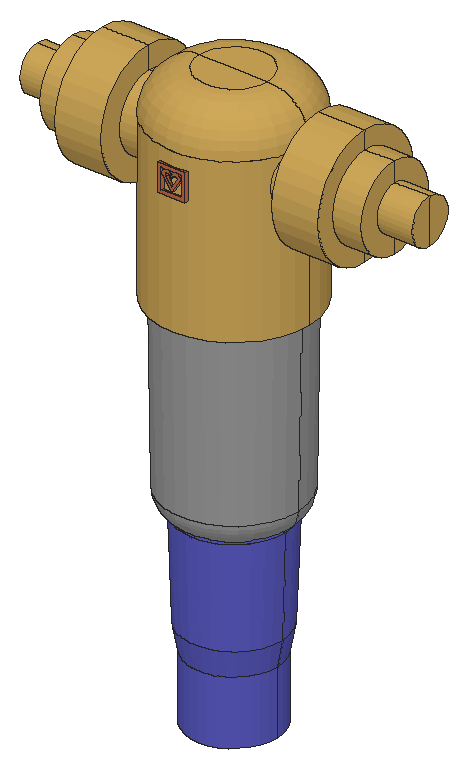
Revit family "Filter für Kaltwasser 0553", category Rohrzubehör, Revit 2018
Family settings
  Bemaßung runder Anschluss = Durchmesser verwenden
  Teiletyp = Unterbricht
  OmniClass-Nummer = 23.65.55.14
  OmniClass-Titel = Valves for Liquid Services
  Arbeitsebenenbasiert = Nein
  Immer vertikal = Ja
  Beim Laden mit Abzugskörper schneiden = Nein
  Gemeinsam genutzt = Nein
Parameters
  W02 = 88.00°  # constant formula
  W01 = 89.00°  # constant formula
  VRS01 = 10.000 mm  # constant formula
  SC_NennweiteBerechnet = 0
  SC_Dimension = ""
  SCTWSEQ = "FI;SBT_TYP_FI=\"FI\";2"
  SCTWCODE = "02;00;02"  # constant formula
  S01 [instance] = (L02 + VRL01 + VRL02) - (L01 / 2)  # 24.750 mm
  Model = "Filter für kaltes Wasser mit glasfaserverstärktem Kunststoffbecher."
  Medium = "Trinkwasser"  # constant formula
  Max. Betriebstemperatur = 30 °C  # constant formula
  Max. Betriebsdruck = 1600000.0 Pa  # constant formula
  Tasse = "transparenter, glasfaserverstärkter Kunststoff"  # constant formula
  Hinweis = "Gemäß Art 33 der REACH-Verordnung (EG Nr. 1907/2006) sind wir verpflichtet, darauf hinzuweisen, dass der Stoff Blei auf der SVHC-Liste geführt wird und dass alle aus Messing bestehenden Bauteile, die in unseren Erzeugnissen verarbeitet sind, mehr als 0,1 % (w/w) Blei (CAS: 7439-92-1 / EINECS: 231-100-4) enthalten.\r\nDa Blei als Legierungsbestandteil fest gebunden ist, sind keine Expositionen zu erwarten und daher sind keine zusätzlichen Angaben zur sicheren Verwendung notwendig."
  Gehäuse = "Messing, CW617N"  # constant formula
  GT [instance] = size_lookup("0553_", "GT", 1.000 mm, Nennweite)  # 11.900 mm
  VRL02 [instance] = size_lookup("0553_", "VRL2", 1.000 mm, Nennweite)  # 21.750 mm
  VRL01 [instance] = size_lookup("0553_", "VRL1", 1.000 mm, Nennweite)  # 15.500 mm
  VRD02 [instance] = size_lookup("0553_", "VRD2", 1.000 mm, Nennweite)  # 14.000 mm
  VRD01 [instance] = size_lookup("0553_", "VRD1", 1.000 mm, Nennweite)  # 20.000 mm
  URL = "www.herz-armaturen.at"
  T01 = 1.000 mm  # constant formula
  R02 = 8.000 mm  # constant formula
  R01 = 12.500 mm  # constant formula
  Nennweite [instance] = 15.000 mm
  Filter = "Edelstahl, Maschenweite 100 μm"  # constant formula
  D02 = 22.750 mm  # constant formula
  L02 [instance] = size_lookup("0553_", "L2", 1.000 mm, Nennweite)  # 28.750 mm
  L01 [instance] = size_lookup("0553_", "L1", 1.000 mm, Nennweite)  # 82.500 mm
  Hersteller = "HERZ Armaturen Ges.m.b.H."  # constant formula
  H04 = 174.000 mm  # constant formula
  H03 = 65.500 mm  # constant formula
  H02 = 45.500 mm  # constant formula
  H01 = 23.000 mm  # constant formula
  Bestellnummer [instance] = if(Nennweite = 15.000 mm, "I055301", if(Nennweite = 20.000 mm, "I055302", if(Nennweite = 25.000 mm, "I055303", "0")))  # "I055301"
  Ausführung = "Der Herz-Wasserfilter wird in Hauseingangsanlagen für Trinkwasser eingesetzt, um das Trinkwasser vor Verunreinigungen zu schützen."
  AG [instance] = Nennweite / 2  # 7.500 mm
  D01 = 25.500 mm  # constant formula
Reference planes
  plane 1 "Mitte (Vorne/hinten)": y = 0
  plane 2: z = 0
  plane 3 "Mitte (Links/rechts)": x = 0
Forms (mm)
  Revolve 1, solid, material "Messing, weicher Gelbton, geschweißt", detail levels fine
    sketch origin (0, 0, 0) x (1, 0, 0) y (0, 0, 1)
      loop
        line (-41.25, 0) -> (41.25, 0) -> (41.25, 12.5) -> (-41.25, 12.5) -> (-41.25, 0)
      axis (-41.25, 0) -> (41.25, 0)
    angle from 0 to 360
  Revolve 2, solid, material "Messing, weicher Gelbton, geschweißt", detail levels fine
    sketch origin (0, 0, 0) x (1, 0, 0) y (0, 0, 1)
      loop
        line (-28.75, 0) -> (-28.75, 20) -> (-44.25, 20) -> (-44.25, 14) -> (-54.1, 14) -> (-54.1, 7.5) -> (-66, 7.5) -> (-66, 0) -> (-28.75, 0)
      axis (-66, 0) -> (-28.75, 0)
    angle from 0 to 360
  Revolve 3, solid, material "Messing, weicher Gelbton, geschweißt", detail levels fine
    sketch origin (0, 0, 0) x (-1, 0, 0) y (0, 0, 1)
      loop
        line (-28.75, 0) -> (-28.75, 20) -> (-44.25, 20) -> (-44.25, 14) -> (-54.1, 14) -> (-54.1, 7.5) -> (-66, 7.5) -> (-66, 0) -> (-28.75, 0)
      axis (-66, 0) -> (-28.75, 0)
    angle from 0 to 360
  Revolve 4, solid, material "Messing, weicher Gelbton, geschweißt", detail levels fine
    sketch origin (0, 0, 0) x (1, 0, 0) y (0, 0, 1)
      loop
        line (0, -45.5) -> (0, 23) -> (-11.5, 23)
        arc (-11.5, 23) -> (-21.399, 18.899) -> (-25.5, 9) r 14
        line (-25.5, 9) -> (-25.5, -45.5) -> (0, -45.5)
      axis (0, 23) -> (0, -45.5)
    angle from 0 to 360
  Revolve 5, solid, material "ABS-Kunststoff", detail levels fine
    sketch origin (0, 0, 0) x (1, 0, 0) y (0, 0, 1)
      loop
        line (0, -45.5) -> (-22.75, -45.5) -> (-21.744, -103.156)
        arc (-21.744, -103.156) -> (-19.53, -108.542) -> (-14.25, -111) r 8
        line (-14.25, -111) -> (0, -111) -> (0, -45.5)
      axis (0, -45.5) -> (0, -111)
    angle from 0 to 360
  Revolve 6, solid, material "Herz-Marineblau", detail levels fine
    sketch origin (0, 0, 0) x (1, 0, 0) y (0, 0, 1)
      loop
        line (-14.75, -174) -> (0, -174) -> (0, -110.996) -> (-17.5, -110.996) -> (-16.347, -144) -> (-14.75, -152.5) -> (-14.75, -174)
      axis (0, -110.996) -> (0, -174)
    angle from 0 to 360
Lines and regions (mm)
  model lines, detail levels coarse+medium
    curve 1: line (-41.25, 0, 23) -> (-41.25, 0, -23)
    curve 2: line (-41.25, 0, -23) -> (41.25, 0, -23)
    curve 3: line (41.25, 0, -23) -> (41.25, 0, 23)
    curve 4: line (41.25, 0, 23) -> (-41.25, 0, 23)
    curve 5: line (41.25, 0, 23) -> (12.5, 0, 0)
    curve 6: line (12.5, 0, 0) -> (41.25, 0, -23)
    curve 7: line (41.25, 0, 23) -> (51.25, 0, 23)
    curve 8: line (51.25, 0, 23) -> (41.25, 0, 0)
    curve 9: line (41.25, 0, -23) -> (51.25, 0, -23)
    curve 10: line (51.25, 0, -23) -> (41.25, 0, 0)
    curve 11: line (41.25, 0, 0) -> (66, 0, 0)
    curve 12: line (-41.25, 0, 23) -> (-51.25, 0, 23)
    curve 13: line (-51.25, 0, 23) -> (-41.25, 0, 0)
    curve 14: line (-41.25, 0, -23) -> (-51.25, 0, -23)
    curve 15: line (-51.25, 0, -23) -> (-41.25, 0, 0)
    curve 16: line (-41.25, 0, 0) -> (-66, 0, 0)
    curve 17: line (-41.25, -23, 0) -> (41.25, -23, 0)
    curve 18: line (-41.25, 23, 0) -> (-41.25, -23, 0)
    curve 19: line (41.25, 23, 0) -> (-41.25, 23, 0)
    curve 20: line (41.25, -23, 0) -> (41.25, 23, 0)
    curve 21: line (41.25, 23, 0) -> (8.232, 0, 0)
    curve 22: line (8.232, 0, 0) -> (41.25, -23, 0)
    curve 23: line (41.25, 23, 0) -> (51.25, 23, 0)
    curve 24: line (51.25, 23, 0) -> (41.25, 0, 0)
    curve 25: line (41.25, -23, 0) -> (51.25, -23, 0)
    curve 26: line (51.25, -23, 0) -> (41.25, 0, 0)
    curve 27: line (-41.25, 23, 0) -> (-51.25, 23, 0)
    curve 28: line (-51.25, 23, 0) -> (-41.25, 0, 0)
    curve 29: line (-41.25, -23, 0) -> (-51.25, -23, 0)
    curve 30: line (-51.25, -23, 0) -> (-41.25, 0, 0)
Dimensions and locks
  "L01": Revolve 1 sketch curve to Revolve 1 sketch curve
  equal spacing: Revolve 1 sketch curve, plane 3 "Mitte (Links/rechts)", Revolve 1 sketch curve
  "R01": Revolve 1 sketch curve to plane 2
  "L02": plane 3 "Mitte (Links/rechts)" to Revolve 2 sketch curve
  "VRL01": Revolve 2 sketch curve to Revolve 2 sketch curve
  "VRL02": Revolve 2 sketch curve to Revolve 2 sketch curve
  "GT": Revolve 2 sketch curve to Revolve 2 sketch curve
  "VRD01": Revolve 2 sketch curve to Revolve 2 sketch curve
  "VRD02": Revolve 2 sketch curve to Revolve 2 sketch curve
  "AG": Revolve 2 sketch curve to Revolve 2 sketch curve
  "VRL01": Revolve 3 sketch curve to Revolve 3 sketch curve
  "VRL02": Revolve 3 sketch curve to Revolve 3 sketch curve
  "GT": Revolve 3 sketch curve to Revolve 3 sketch curve
  "VRD01": Revolve 3 sketch curve to Revolve 3 sketch curve
  "VRD02": Revolve 3 sketch curve to Revolve 3 sketch curve
  "AG": Revolve 3 sketch curve to Revolve 3 sketch curve
  "L02": Revolve 3 sketch curve to plane 3 "Mitte (Links/rechts)"
  "H01": Revolve 4 sketch curve to plane 2
  "D01": Revolve 4 sketch curve to Revolve 4 sketch curve
  "H02": plane 2 to Revolve 4 sketch curve
  "D02": Revolve 5 sketch curve to Revolve 5 sketch curve
  "H02": plane 2 to Revolve 5 sketch curve
  "H03": Revolve 5 sketch curve to Revolve 5 sketch curve
  "H04": plane 2 to Revolve 6 sketch curve
  "D01": nested 1 to plane 1 "Mitte (Vorne/hinten)"
  equal spacing: curve 1, plane 3 "Mitte (Links/rechts)", curve 3
  "H01": curve 4 to level to curve 2
  "L01": curve 1 to curve 3
  "L02": curve 3 to curve 6
  "VRS01": curve 8 to curve 3
  "VRS01": curve 10 to curve 3
  "S01": curve 11 to curve 3
  "VRS01": curve 13 to curve 1
  "VRS01": curve 15 to curve 1
  "S01": curve 16 to Revolve 1
  "L01": curve 18 to curve 20
  equal spacing: curve 18, plane 3 "Mitte (Links/rechts)", curve 20
  "H01": curve 19 to plane 1 "Mitte (Vorne/hinten)" to curve 17
  "VRS01": curve 20 to curve 24
  "VRS01": curve 20 to curve 26
  "VRS01": curve 28 to curve 18
  "VRS01": curve 30 to curve 18
  "R02": radius of Revolve 5 sketch curve
  "W01": angle Revolve 5 sketch curve to Revolve 4
  "W02": angle Revolve 6 sketch curve to Revolve 6 sketch curve
  aligned and locked: level to plane 2
Automatic sketch dimensions
  curve 15 to level = 0.000 mm
  curve 11 to level = 0.000 mm
  curve 8 to level = 0.000 mm
  curve 5 to level = 0.000 mm
  plane 1 "Mitte (Vorne/hinten)" to curve 22 = 0.000 mm
  plane 1 "Mitte (Vorne/hinten)" to curve 28 = 0.000 mm
  plane 1 "Mitte (Vorne/hinten)" to curve 24 = 0.000 mm
  plane 1 "Mitte (Vorne/hinten)" to curve 26 = 0.000 mm
  plane 3 "Mitte (Links/rechts)" to curve 22 = 8.232 mm
  Revolve 1 sketch curve to level = 0.000 mm  (x2)
  Revolve 1 sketch curve to Revolve 1 sketch curve = 1474.830 mm
  Revolve 1 sketch curve to Revolve 1 sketch curve = 1807.448 mm
  Revolve 2 sketch curve to level = 0.000 mm  (x2)
  Revolve 2 sketch curve to Revolve 2 sketch curve = 1440.530 mm
  plane 3 "Mitte (Links/rechts)" to Revolve 2 sketch curve = 1839.148 mm
  Revolve 3 sketch curve to level = 0.000 mm  (x2)
  Revolve 3 sketch curve to Revolve 3 sketch curve = 1440.530 mm
  plane 3 "Mitte (Links/rechts)" to Revolve 3 sketch curve = 1839.148 mm
  Revolve 4 sketch curve to plane 3 "Mitte (Links/rechts)" = 0.000 mm  (x2)
  level to Revolve 4 sketch curve = 9.000 mm
  Revolve 4 sketch curve to Revolve 4 sketch curve = 320.545 mm
  Revolve 4 sketch curve to Revolve 4 sketch curve = 2190.315 mm
  Revolve 5 sketch curve to plane 3 "Mitte (Links/rechts)" = 0.000 mm  (x2)
  Revolve 5 sketch curve to plane 3 "Mitte (Links/rechts)" = 21.744 mm
  Revolve 5 sketch curve to Revolve 5 sketch curve = 7.494 mm
  Revolve 5 sketch curve to Revolve 5 sketch curve = 255.045 mm
  level to Revolve 5 sketch curve = 2214.315 mm
  Revolve 6 sketch curve to plane 3 "Mitte (Links/rechts)" = 0.000 mm  (x2)
  Revolve 6 sketch curve to plane 3 "Mitte (Links/rechts)" = 14.750 mm
  Revolve 6 sketch curve to Revolve 6 sketch curve = 1.597 mm
  Revolve 6 sketch curve to plane 3 "Mitte (Links/rechts)" = 17.500 mm
  Revolve 6 sketch curve to Revolve 6 sketch curve = 21.500 mm
  Revolve 6 sketch curve to Revolve 6 sketch curve = 8.500 mm
  Revolve 6 sketch curve to Revolve 6 sketch curve = 192.045 mm
  level to Revolve 6 sketch curve = 2214.315 mm
Nested families
  nested 1: "Herz-Logo-vorne" at (0, -25.5, 0) x (0, 1, 0) z (0, 0, 1), type "Herz-Logo-vorne", detail levels fine
Connectors
  piping at (-66, 0, 0), diameter 15, driven by "Nennweite"
    settings: on Revolve 2, index 1, connector inside diameter 609.6 mm, connector length 0.000 mm, flow factor 0, pipe flow 0.0 L/s, pressure drop 0.0 Pa, fitting loss kfactor 0, connector angle 0.00°, fixture units 0, engagement length 0.000 mm, angle of deflection 0.00°, flow configuration 0, flow direction 1, fitting loss method 0, system type 20, joint type 0, gender type 0, connector reference index -1, connector utility 0, adjustable connector no, is connector primary yes, connector description ""
  piping at (66, 0, 0), diameter 15, driven by "Nennweite"
    settings: on Revolve 3, index 2, connector inside diameter 609.6 mm, connector length 0.000 mm, flow factor 0, pipe flow 0.0 L/s, pressure drop 0.0 Pa, fitting loss kfactor 0, connector angle 0.00°, fixture units 0, engagement length 0.000 mm, angle of deflection 0.00°, flow configuration 0, flow direction 2, fitting loss method 0, system type 20, joint type 0, gender type 0, connector reference index -1, connector utility 0, adjustable connector no, is connector primary no, connector description ""
Definition of nested family "Herz-Logo-vorne"
  Reference planes
    plane 1 "Mitte (Vorne/hinten)": y = 0
    plane 2: z = 0
    plane 3 "Mitte (Links/rechts)": x = 0
  Forms (mm)
    Extrusion 1, solid
      sketch origin (0.732, -0.018, 0.017) x (0, -1, 0) y (0, 0, 1)
        loop
          line (-0.018, -4.517) -> (4.482, -4.517) -> (4.482, 4.483) -> (-4.518, 4.483) -> (-4.518, -4.517) -> (-0.018, -4.517)
        loop
          line (-0.05, -3.48) -> (3.482, -3.48) -> (3.482, 3.483) -> (-3.518, 3.483) -> (-3.518, -3.48) -> (-0.05, -3.48)
        loop
          arc (-0.018, 2.383) -> (-1.543, 3.287) -> (-3.067, 2.383) r 1.738
          arc (-3.067, 2.383) -> (-3.191, 1.899) -> (-3.067, 1.415) r 1.009
          line (-3.067, 1.415) -> (-0.018, -3.281) -> (3.032, 1.415)
          arc (3.032, 1.415) -> (3.156, 1.899) -> (3.032, 2.383) r 1.009
          arc (3.032, 2.383) -> (1.507, 3.287) -> (-0.018, 2.383) r 1.738
        loop
          arc (1.885, 1.272) -> (2.005, 1.675) -> (1.885, 2.079) r 0.74
          arc (1.885, 2.079) -> (1.265, 2.416) -> (0.644, 2.079) r 0.74
          line (0.644, 2.079) -> (-0.018, 0.97) -> (-0.679, 2.079)
          arc (-0.679, 2.079) -> (-1.3, 2.416) -> (-1.921, 2.079) r 0.74
          arc (-1.921, 2.079) -> (-2.04, 1.675) -> (-1.921, 1.272) r 0.74
          line (-1.921, 1.272) -> (-0.018, -1.658) -> (1.885, 1.272)
      from 0 to 1.5
  Dimensions and locks
    aligned and locked: level to plane 2
